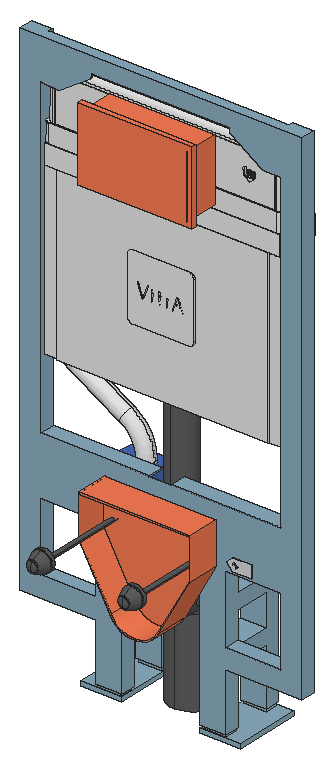
Revit family "ConcealedCistern-ForWallHungWCPans-8cm-InsideInPlasterboardWall-FloorMounting-VitrA-768-4800", category Plumbing Fixtures, host Face, Revit 2017
Family settings
  Host = Face
  Round Connector Dimension = Use Diameter
  Part Type = Normal
  OmniClass Number = 23.45.00.00
  OmniClass Title = Sanitary, Laundry, and Cleaning Equipment
  Cut with Voids When Loaded = No
  Shared = Yes
  Room Calculation Point = No
Parameters (values of type "ConcealedCistern-ForWallHungWCPans-3/6lt-8cm-InsideInPlasterboardWall-FloorMounting-VitrA-768-4800-01")
  Youtube = "https://www.youtube.com/user/VitrAglobal"
  Weight Net (kg) = "17"
  Waste Connection = yes
  Warranty Period (Year) = "10 Years"
  Vent Connection = no
  Uniformat II Description = ""
  Uniformat II Code = ""
  Uniclass 2015 Name = "WC cisterns"
  Uniclass 2015 Code = "Pr_40_20_93_89"
  Uniclass 2.0 Description = "Wc Cisterns"
  Uniclass 2.0 Code = "PR-35-93-90"
  Uniclass 1.4 Description = ""
  Uniclass 1.4 Code = ""
  URL = "https://www.vitra.com.tr/"
  UNSPSC Description = ""
  UNSPSC Code = ""
  Third Material = Blue
  Technical description = "https://www.vitraglobal.com/pdf/748-4800-01/"
  Tap hole Options (default) = ""
  Specification = ""
  Secondary Material = White
  Region South America = "All"
  Region Oceania = "All"
  Region North America = "All"
  Region Middle East = "All"
  Region Europe = "All"
  Region Asia = "All"
  Region Antarctica = "All"
  Region Africa = "All"
  Product url = "https://www.vitraglobal.com/flushing-solutions-flush-plates/frames-cisterns/concealed-frame-systems/concealed-cistern-for-wall-hung-wc-pans-sku-748-4800-01/"
  Product manual = ""
  Product group = "Concealed Cistern for Wall-Hung WC Pans - Floor Fixation 3/6lt - 8 cm"
  Product family = "Vitra"
  Product data url = ""
  Product certification = "https://www.vitraglobal.com/brochures/"
  Product Type = "Concealed Cistern"
  Product SKU = "768-4800-01"
  Product Properties = "Concealed Cistern for Wall-Hung WC Pans"
  Product Guid = ""
  Primary Material = Orange
  Outlet Angle = 90.00°
  OmniClass Description = "Water Closets"
  OmniClass Code = "23-31 19 19"
  Nominal Width (mm) = 570 mm
  Nominal Height (mm) = 1120 mm
  Nominal Depth (mm) = 80 mm
  NBS Referans Description = "Wc Cisterns"
  NBS Referans Code = "35-93-90"
  Mounting type = "Assembly to floor & wall"
  Model = "768-4800-01"
  Masterformat 2014 Description = ""
  Masterformat 2014 Code = ""
  Manufacturer name = "Vitra"
  Manufacturer = "Vitra"
  Installation instructions = ""
  IFC Classification = "Sanitary Terminal"
  Help = ""
  HW Connection = no
  GTIP code = ""
  Features = ""
  EAN code = ""
  Design country = "Turkey"
  Description = "VitrA Concealed Cistern for Wall-Hung WC Pans\r\nFloor Fixation, 3/6lt - 8cm"
  Default Elevation = 1000 mm
  Color = ""
  Coating Material = Console
  Calculated flow = ""
  CW Connection = yes
  COBIe Type Category = ""
  Brand = "Vitra"
  BIMobject category = "Toilet Cisterns"
  Article No. (default) = "768-4800-01"
  Approvals = ""
  ApplicationType = ""
  Accessories (default) = ""
Reference planes
  plane 1 "Center (Front/Back)": y = 0
  plane 2: z = 0
  plane 3 "Center (Left/Right)": x = 0
  plane 4: z = 1000
  plane 5: z = 220
  plane 6: x = -285
  plane 7: x = 285
  plane 8: y = -79.884
  plane 9: y = 0.116
  plane 10: z = 1120
Forms (mm)
  Extrusion 1, solid, detail levels coarse
    sketch origin (0, 0, 0) x (1, 0, 0) y (0, 1, 0)
      loop
        line (-285, 25.157) -> (-285, -79.884) -> (285, -79.884) -> (285, 25.157) -> (-285, 25.157)
    from 0 to 1118.125
  Extrusion 2, solid, detail levels coarse
    sketch origin (0, 0, 0) x (1, 0, 0) y (0, 0, 1)
      loop
        circle (0, 220) r 65
      loop
        circle (0, 357.605) r 26.044
    from 0 to 233.75
  Extrusion 3, solid, detail levels coarse
    sketch origin (0, 0, -2.5) x (1, 0, 0) y (0, 0, 1)
      loop
        line (111.37, 1075.159) -> (-111.368, 1075.159) -> (-111.368, 932.335) -> (111.37, 932.335) -> (111.37, 1075.159)
    from 70.438 to 140.438
  Extrusion 4, solid, material "Console" <- "Coating Material", detail levels medium+fine
    sketch origin (-245, -59.884, 1117.914) x (0, 0, -1) y (0, -1, 0)
      loop
        line (-2.086, 20) -> (-2.086, 0) -> (9.914, 0) -> (9.914, 20) -> (-2.086, 20)
    from -7.791 to -482.5
  Extrusion 5, solid, material "Console" <- "Coating Material", detail levels medium+fine
    sketch origin (285, -79.884, 1116.414) x (-1, 0, 0) y (0, 0, -1)
      loop
        line (145.922, 37.886) -> (86.224, 77.726)
        arc (86.224, 77.726) -> (84.943, 78.303) -> (83.552, 78.5) r 5
        line (83.552, 78.5) -> (47.5, 78.5) -> (47.5, 8.414) -> (522.209, 8.414) -> (522.209, 78.5) -> (486.448, 78.5)
        arc (486.448, 78.5) -> (485.057, 78.303) -> (483.776, 77.726) r 5
        line (483.776, 77.726) -> (424.078, 37.886)
        arc (424.078, 37.886) -> (422.37, 36.073) -> (421.75, 33.66) r 5
        line (421.75, 33.66) -> (421.75, 29.414)
        arc (421.75, 29.414) -> (420.871, 27.293) -> (418.75, 26.414) r 3
        line (418.75, 26.414) -> (151.25, 26.414)
        arc (151.25, 26.414) -> (149.129, 27.293) -> (148.25, 29.414) r 3
        line (148.25, 29.414) -> (148.25, 33.66)
        arc (148.25, 33.66) -> (147.63, 36.073) -> (145.922, 37.886) r 5
    from 0 to -2.5
  Extrusion 6, solid, material "Console" <- "Coating Material", detail levels medium+fine
    sketch origin (245, -49.884, 1128.289) x (1, 0, 0) y (0, 0, -1)
      loop
        line (32.5, 1001) -> (-117.5, 1001) -> (-117.5, 1115.5) -> (-167.5, 1115.5) -> (-167.5, 825) -> (-117.5, 825) -> (-117.5, 961) -> (-7.5, 961) -> (-7.5, 8.289) -> (32.5, 8.289) -> (32.5, 1001)
      loop
        line (-372.5, 1001) -> (-522.5, 1001) -> (-522.5, 8.289) -> (-482.209, 8.289) -> (-482.209, 961) -> (-372.5, 961) -> (-372.5, 825) -> (-322.5, 825) -> (-322.5, 1115.5) -> (-372.5, 1115.5) -> (-372.5, 1001)
    from 0 to -30
  Extrusion 7, solid, material "Console" <- "Coating Material", detail levels medium+fine
    sketch origin (77.5, -79.884, -0.211) x (0, 0, 1) y (-1, 0, 0)
      loop
        line (0, 0) -> (0, -80) -> (8, -80) -> (8, 0) -> (0, 0)
      loop
        line (0, 235) -> (0, 155) -> (8, 155) -> (8, 235) -> (0, 235)
    from 0 to -131.321
  Extrusion 8, solid, material "Console" <- "Coating Material", detail levels medium+fine
    sketch origin (77.5, -79.884, 7.789) x (1, 0, 0) y (0, 1, 0)
      loop
        line (48.496, 27.5) -> (3.494, 27.5) -> (3.494, 2.5) -> (48.496, 2.5) -> (48.496, 27.5)
      loop
        line (-158.494, 27.5) -> (-203.496, 27.5) -> (-203.496, 2.5) -> (-158.494, 2.5) -> (-158.494, 27.5)
    from 0 to 197.625
  Extrusion 9, solid, material "Console" <- "Coating Material", detail levels medium+fine
    sketch origin (0, -47.384, 417.039) x (0, 0, 1) y (1, 0, 0)
      loop
        line (-1.25, 22.494) -> (1.25, 22.494) -> (1.25, 245) -> (-1.25, 245) -> (-1.25, 22.494)
      loop
        line (-1.25, -245) -> (1.25, -245) -> (1.25, -22.494) -> (-1.25, -22.494) -> (-1.25, -245)
    from 0 to -32.5
  Extrusion 10, solid, material "Console" <- "Coating Material", detail levels medium+fine
    sketch origin (245, -76.884, 305.789) x (0, 1, 0) y (-1, 0, 0)
      loop
        line (76.5, 170) -> (76.5, 320) -> (37, 345) -> (37, 419.5) -> (27, 419.5) -> (27, 490) -> (-0.5, 490) -> (-0.5, 0) -> (27, 0) -> (27, 70.5) -> (37, 70.5) -> (37, 145) -> (76.5, 170)
      loop
        circle (44.407, 186.048) r 15
    from 0 to -2.5
  Extrusion 11, solid, material "Console" <- "Coating Material", detail levels medium+fine
    sketch origin (285, -79.884, 1128.289) x (-1, 0, 0) y (0, 0, -1)
      loop
        line (530, 710) -> (530, 825) -> (40, 825) -> (40, 710) -> (118, 710) -> (118, 712.5) -> (158, 712.5) -> (158, 710) -> (262.506, 710) -> (262.506, 712.5) -> (307.494, 712.5) -> (307.494, 710) -> (412, 710) -> (412, 712.5) -> (452, 712.5) -> (452, 710) -> (530, 710)
    from 0 to -2.5
  Extrusion 12, solid, detail levels medium+fine
    sketch origin (155, -80.384, 319.789) x (1, 0, 0) y (0, 0, 1)
      loop
        line (25, -12.5) -> (25, 12.5) -> (-12, 12.5) -> (-25, 0) -> (-12, -12.5) -> (25, -12.5)
      loop
        line (-11.499, 0.1) -> (-5.9, 0.1) -> (-5.9, 5.499)
        arc (-5.9, 5.499) -> (-9.818, 3.959) -> (-11.499, 0.1) r 5.5
      loop
        line (-0.501, -0.1) -> (-6.1, -0.1) -> (-6.1, -5.499)
        arc (-6.1, -5.499) -> (-2.182, -3.959) -> (-0.501, -0.1) r 5.5
    from 0 to -2.067
  Blend 13, solid, material "Blue" <- "Third Material", detail levels medium+fine
    base sketch origin (-81.844, 5.116, 370.98) x (1, 0, 0) y (0, 0, -1)
      loop
        line (40.656, -31.187) -> (40.656, 31.187) -> (-40.656, 31.187) -> (-40.656, -31.187) -> (40.656, -31.187)
    top sketch origin (-81.844, -76.181, 370.98) x (0, 0, -1) y (1, 0, 0)
      loop
        line (-34.026, -43.495) -> (34.026, -43.495) -> (34.026, 43.495) -> (-34.026, 43.495) -> (-34.026, -43.495)
    from 0 to -1.203
  Extrusion 14, solid, material "Blue" <- "Third Material", detail levels medium+fine
    sketch origin (-72.5, 5.616, 370.789) x (-1, 0, 0) y (0, 0, 1)
      loop
        line (-0.685, 5.802) -> (-3.475, -1.366) -> (-0.731, -1.366) -> (-3.511, -7.361) -> (4.348, 1.305) -> (1.465, 1.37) -> (4.314, 5.802) -> (-0.685, 5.802)
      loop
        circle (0.206, -0.102) r 9
    from 0 to -18.98
  Extrusion 15, solid, material "Black", detail levels medium+fine
    sketch origin (0, -50.384, 297.089) x (0, 0, 1) y (1, 0, 0)
      loop
        line (42.532, 35.386) -> (20.456, 43.421) -> (6.2, 43.421) -> (6.2, -43.587) -> (20, -43.587) -> (42.532, -35.386)
        arc (42.532, -35.386) -> (53.585, -38.279) -> (65, -37.802) r 38.5
        line (65, -37.802) -> (65, -25.475)
        arc (65, -25.475) -> (31.2, 0) -> (65, 25.475) r 26.5
        line (65, 25.475) -> (65, 37.802)
        arc (65, 37.802) -> (53.585, 38.279) -> (42.532, 35.386) r 38.5
    from 3 to -8.682
  Extrusion 16, solid, material "Black", detail levels medium+fine
    sketch origin (43.502, -59.625, 305.583) x (-0.008727, 0.999962, 0) y (0, 0, 1)
      loop
        line (60.002, -30.493) -> (60.002, -2.293) -> (9.241, -2.293) -> (9.241, 11.962) -> (0.496, 11.753) -> (0.496, -36.598) -> (15.69, -36.539) -> (60.002, -30.493)
    from -1.405 to -85.712
  Extrusion 17, solid, material "Orange" <- "Primary Material", detail levels medium+fine
    sketch origin (0, -80.884, 275.563) x (0, 0, -1) y (-1, 0, 0)
      loop
        line (82.694, 48.748) -> (-28.65, 110.235) -> (-111.461, 110.235) -> (-111.461, -110.235) -> (-28.65, -110.235) -> (82.694, -48.748)
        arc (82.694, -48.748) -> (111.461, 0) -> (82.694, 48.748) r 55.687
    from 0 to -6.321
  Extrusion 18, solid, material "Orange" <- "Primary Material", detail levels medium+fine
    sketch origin (0, -144.884, 319.789) x (1, 0, 0) y (0, 0, 1)
      loop
        line (110.235, 67.235) -> (-110.235, 67.235) -> (-110.235, -15.576) -> (-48.748, -126.92)
        arc (-48.748, -126.92) -> (0, -155.687) -> (48.748, -126.92) r 55.687
        line (48.748, -126.92) -> (110.235, -15.576) -> (110.235, 67.235)
      loop
        line (-108.484, 65.484) -> (-108.484, -15.125) -> (-47.215, -126.073)
        arc (-47.215, -126.073) -> (0, -153.936) -> (47.215, -126.073) r 53.936
        line (47.215, -126.073) -> (108.484, -15.125) -> (108.484, 65.484) -> (-108.484, 65.484)
    from 0 to -57.679
  Sweep 19, solid, material "White" <- "Secondary Material", detail levels medium+fine
    path origin (0, -147.384, 319.789) x (1, 0, 0) y (0, 0, 1)
      loop
        line (-70.717, 73.648) -> (-70.717, 88.48)
        arc (-70.717, 88.48) -> (-80.765, 125.98) -> (-108.217, 153.432) r 75
        line (-108.217, 153.432) -> (-234.241, 226.191)
        arc (-234.241, 226.191) -> (-256.202, 248.153) -> (-264.241, 278.153) r 60
        line (-264.241, 278.153) -> (-264.241, 652.91)
        arc (-264.241, 652.91) -> (-255.876, 679.042) -> (-233.892, 695.459) r 45
        line (-233.892, 695.459) -> (-190.52, 710.393)
    profile origin (-264.241, -147.384, 785.321) x (-1, 0, 0) y (0, -1, 0)
      loop
        circle (0, -120.458) r 16
  Extrusion 20, solid, material "Orange" <- "Primary Material", detail levels medium+fine
    sketch origin (-0.502, -143.508, 1000.12) x (-1, 0, 0) y (0, 0, -1)
      loop
        line (-112.356, -73.55) -> (112.356, -73.55) -> (112.356, 71.464) -> (-112.356, 71.464) -> (-112.356, -73.55)
    from 0 to -9.7
  Extrusion 21, solid, material "Orange" <- "Primary Material", detail levels medium+fine
    sketch origin (-0.502, -143.508, 1000.12) x (-1, 0, 0) y (0, 0, -1)
      loop
        line (-103.117, -61.799) -> (103.02, -61.799) -> (103.02, 62.038) -> (-103.117, 62.038) -> (-103.117, -61.799)
    from 0 to -68.162
  Extrusion 22, solid, material "Black", detail levels medium+fine
    sketch origin (51.92, -39.187, -283.413) x (1, 0, 0) y (0, 0, 1)
      loop
        circle (-141.764, 603.413) r 4.2
      loop
        circle (38.236, 603.413) r 4.2
    from 223.136 to 0.697
  Revolve 23, solid, material "Black", detail levels medium+fine
    sketch origin (89.974, -31.25, 9.375) x (0, 1, 0) y (0, 0, 1)
      loop
        line (-223.489, 292.259) -> (-223.489, 313.259) -> (-255.489, 313.259)
        arc (-255.489, 313.259) -> (-254.814, 307.893) -> (-252.831, 302.861) r 21.667
        arc (-252.831, 302.861) -> (-252.43, 302.349) -> (-251.886, 301.992) r 2
        line (-251.886, 301.992) -> (-231.965, 293.176)
        arc (-231.965, 293.176) -> (-230.967, 292.836) -> (-229.924, 292.675) r 6
        line (-229.924, 292.675) -> (-223.489, 292.259)
      axis (-255.489, 313.259) -> (-223.489, 313.259)
    angle from 0 to 360
  Revolve 24, solid, material "Black", detail levels medium+fine
    sketch origin (-90.026, -31.25, 9.375) x (0, 1, 0) y (0, 0, 1)
      loop
        line (-223.489, 292.259) -> (-223.489, 313.259) -> (-255.489, 313.259)
        arc (-255.489, 313.259) -> (-254.814, 307.893) -> (-252.831, 302.861) r 21.667
        arc (-252.831, 302.861) -> (-252.43, 302.349) -> (-251.886, 301.992) r 2
        line (-251.886, 301.992) -> (-231.965, 293.176)
        arc (-231.965, 293.176) -> (-230.967, 292.836) -> (-229.924, 292.675) r 6
        line (-229.924, 292.675) -> (-223.489, 292.259)
      axis (-255.489, 313.259) -> (-223.489, 313.259)
    angle from 0 to 360
  Extrusion 25, solid, material "Black", detail levels medium+fine
    sketch origin (-30, -57.258, 290.503) x (1, 0, 0) y (0, 0, 1)
      loop
        line (0.072, 12.786) -> (0.072, -5.846)
        arc (0.072, -5.846) -> (-25.549, -37.091) -> (-35.991, -76.124) r 95.7
        arc (-35.991, -76.124) -> (-29.358, -83.436) -> (-22.047, -76.804) r 6.98
        arc (-22.047, -76.804) -> (26.652, -17.687) -> (82.521, -70.079) r 52.5
        arc (82.521, -70.079) -> (82.422, -73.296) -> (82.127, -76.502) r 52.5
        arc (82.127, -76.502) -> (89.278, -84.37) -> (95.991, -76.125) r 7.013
        arc (95.991, -76.125) -> (85.59, -37.173) -> (60.072, -5.96) r 95.7
        line (60.072, -5.96) -> (60.072, 12.787) -> (0.072, 12.786)
    from 0 to -14
  Sweep 26, solid, material "Black", detail levels medium+fine
    path origin (0, 890, -0.781) x (0, 1, 0) y (0, 0, 1)
      loop
        line (-965.346, 355.636) -> (-947.846, 355.636)
        arc (-947.846, 355.636) -> (-926.633, 364.422) -> (-917.846, 385.636) r 30
        line (-917.846, 385.636) -> (-917.846, 560.636)
    profile origin (0, -66.596, 354.854) x (0, 0, 1) y (1, 0, 0)
      loop
        circle (0, 0) r 28
  Extrusion 27, solid, material "Black", detail levels medium+fine
    sketch origin (0.021, -75.758, 220.424) x (1, 0, 0) y (0, 0, 1)
      loop
        circle (-0.021, -0.393) r 52.806
    from 0 to -49.874
  Sweep 28, solid, material "Black", detail levels medium+fine
    path origin (0, 0, 220) x (0, 0, -1) y (0, -1, 0)
      loop
        line (0, 67.384) -> (0, 48)
        arc (0, 48) -> (14.059, 14.059) -> (48, 0) r 48
        line (48, 0) -> (220, 0)
    profile origin (0, -57.692, 220) x (0, 0, -1) y (-1, 0, 0)
      loop
        circle (-0.045, 0) r 46
  Extrusion 29, void
    sketch origin (0, 0, 1118.125) x (1, 0, 0) y (0, 1, 0)
      loop
        line (-285, 50.478) -> (-285, -79.884) -> (285, -79.884) -> (285, 50.478) -> (-285, 50.478)
    from 0 to -1118.125
  Extrusion 30, solid, material "Console" <- "Coating Material", detail levels medium+fine
    sketch origin (127.5, -49.884, 304.2) x (0, -1, 0) y (0, 0, -1)
      loop
        line (-99.979, 290.5) -> (-99.99, -2.048) -> (-100, -32.048) -> (26.901, -32.048) -> (26.901, -2.048) -> (-11.321, -2.048) -> (-71.3, -2.048) -> (-71.3, 53.452) -> (0, 53.452) -> (0, 83.452) -> (-71.3, 83.452) -> (-71.3, 146.452) -> (0, 146.452) -> (0, 176.452) -> (-71.3, 176.452) -> (-71.3, 290.5) -> (-99.979, 290.5)
    from 0 to -50
  Extrusion 31, solid, material "Console" <- "Coating Material", detail levels medium+fine
    sketch origin (-79.49, -49.884, 304.2) x (0, -1, 0) y (0, 0, -1)
      loop
        line (-99.979, 290.5) -> (-99.99, -2.048) -> (-100, -32.048) -> (26.901, -32.048) -> (26.901, -2.048) -> (-11.321, -2.048) -> (-71.3, -2.048) -> (-71.3, 53.452) -> (0, 53.452) -> (0, 83.452) -> (-71.3, 83.452) -> (-71.3, 146.452) -> (0, 146.452) -> (0, 176.452) -> (-71.3, 176.452) -> (-71.3, 290.5) -> (-99.979, 290.5)
    from 0 to -50
  Extrusion 32, solid, material "Console" <- "Coating Material", detail levels medium+fine
    sketch origin (157.5, 21.436, 8.248) x (0, 1, 0) y (-1, 0, 0)
      loop
        line (26.159, 31.504) -> (26.159, 76.506) -> (2.479, 76.506) -> (2.479, 31.504) -> (26.159, 31.504)
      loop
        line (26.159, 238.494) -> (26.159, 283.496) -> (2.479, 283.496) -> (2.479, 238.494) -> (26.159, 238.494)
    from 0 to 250
  Extrusion 33, solid, material "Console" <- "Coating Material", detail levels medium+fine
    sketch origin (-167, -47.371, 414.248) x (0, 0, -1) y (0, -1, 0)
      loop
        line (-3.301, 0) -> (109.084, 0) -> (109.084, 30) -> (-3.301, 30) -> (-3.301, 2) -> (-3.301, 0)
    from 0 to -39.5
  Extrusion 34, solid, material "Console" <- "Coating Material", detail levels medium+fine
    sketch origin (167, -47.371, 414.248) x (0, 0, -1) y (0, 1, 0)
      loop
        line (-3.301, 0) -> (-3.301, -2) -> (-3.301, -30) -> (109.084, -30) -> (109.084, 0) -> (-3.301, 0)
    from 0 to -39.5
  Sweep 35, solid, material "White" <- "Secondary Material", detail levels medium+fine
    path origin (0.078, -69.617, 967.832) x (0, 0, 1) y (-1, 0, 0)
      loop
        line (0.104, 221.304) -> (75.314, 221.304)
        arc (75.314, 221.304) -> (89.456, 215.446) -> (95.314, 201.304) r 20
        line (95.314, 201.304) -> (95.314, -201.304)
        arc (95.314, -201.304) -> (89.456, -215.446) -> (75.314, -221.304) r 20
        line (75.314, -221.304) -> (0.104, -221.304)
    profile origin (221.382, -69.617, 1005.541) x (0, -1, 0) y (1, 0, 0)
      loop
        arc (-58.41, 10.038) -> (-65.508, 7.098) -> (-68.448, 0) r 10.038
        line (-68.448, 0) -> (-68.448, -5) -> (-0.155, -5) -> (-0.155, 0)
        arc (-0.155, 0) -> (-3.095, 7.098) -> (-10.194, 10.038) r 10.038
        line (-10.194, 10.038) -> (-58.41, 10.038)
  Extrusion 36, solid, material "White" <- "Secondary Material", detail levels medium+fine
    sketch origin (0.078, -69.617, 967.832) x (0, 0, 1) y (-1, 0, 0)
      loop
        arc (90.314, 201.304) -> (85.921, 211.911) -> (75.314, 216.304) r 15
        line (75.314, 216.304) -> (0.104, 216.304) -> (0.104, -216.304) -> (75.314, -216.304)
        arc (75.314, -216.304) -> (85.921, -211.911) -> (90.314, -201.304) r 15
        line (90.314, -201.304) -> (90.314, 201.304)
    from 0 to -68.604
  Extrusion 37, solid, material "White" <- "Secondary Material", detail levels medium+fine
    sketch origin (-0.082, -34.765, 967.936) x (-1, 0, 0) y (0, -1, 0)
      loop
        line (224.386, 39.814) -> (-224.386, 39.814)
        arc (-224.386, 39.814) -> (-232.871, 36.3) -> (-236.386, 27.814) r 12
        line (-236.386, 27.814) -> (-236.386, -27.814)
        arc (-236.386, -27.814) -> (-232.871, -36.3) -> (-224.386, -39.814) r 12
        line (-224.386, -39.814) -> (224.386, -39.814)
        arc (224.386, -39.814) -> (232.871, -36.3) -> (236.386, -27.814) r 12
        line (236.386, -27.814) -> (236.386, 27.814)
        arc (236.386, 27.814) -> (232.871, 36.3) -> (224.386, 39.814) r 12
    from 0 to -37.788
  Extrusion 38, solid, material "White" <- "Secondary Material", detail levels medium+fine
    sketch origin (0.744, -34.162, 929.933) x (-1, 0, 0) y (0, -0.999986, 0.005236)
      loop
        line (231.958, 42.964) -> (-231.958, 42.964) -> (-231.958, 39.374) -> (-231.958, -38.519) -> (-231.958, -42.964) -> (231.958, -42.964) -> (231.958, -38.519) -> (231.958, 39.374) -> (231.958, 42.964)
    from 1.73 to -37.465
  Extrusion 39, solid, material "White" <- "Secondary Material", detail levels medium+fine
    sketch origin (-43.272, -34.067, 1080.436) x (0, 1, 0) y (-1, 0, 0)
      loop
        circle (-0.783, 56.644) r 15
      loop
        circle (0.254, 0.122) r 15
    from 0 to -7.29
  Extrusion 40, solid, material "White" <- "Secondary Material", detail levels medium+fine
    sketch origin (0.126, -34.514, 556.25) x (1, 0, 0) y (0, -1, 0)
      loop
        line (233.35, -38.805) -> (233.35, 40.575) -> (209.689, 40.575) -> (209.689, 42.637) -> (-207.849, 42.637) -> (-207.849, 39.088) -> (-233.35, 39.088) -> (-233.35, -38.805) -> (-207.849, -38.805) -> (-207.849, -42.405) -> (209.689, -42.405) -> (209.689, -38.805) -> (233.35, -38.805)
    from 0 to -335.272
  Extrusion 41, solid, material "White" <- "Secondary Material", detail levels medium+fine
    sketch origin (-43.272, -33.676, 1084.875) x (-1, 0, 0) y (0, -1, 0)
      loop
        circle (0.408, -0.319) r 8.702
    from 0 to -10.022
  Extrusion 42, solid, material "White" <- "Secondary Material", detail levels medium+fine
    sketch origin (-207.802, -78.367, 613.109) x (1, 0, 0) y (0, 0, 1)
      loop
        line (272.802, 71.7) -> (272.802, 181.7)
        arc (272.802, 181.7) -> (269.873, 188.771) -> (262.802, 191.7) r 10
        line (262.802, 191.7) -> (152.802, 191.7)
        arc (152.802, 191.7) -> (145.731, 188.771) -> (142.802, 181.7) r 10
        line (142.802, 181.7) -> (142.802, 71.7)
        arc (142.802, 71.7) -> (145.731, 64.629) -> (152.802, 61.7) r 10
        line (152.802, 61.7) -> (262.802, 61.7)
        arc (262.802, 61.7) -> (269.873, 64.629) -> (272.802, 71.7) r 10
      loop
        spline (193.105, 129.771) -> (192.875, 129.922) -> (192.629, 130.046) -> (192.37, 130.139) -> (192.102, 130.201) -> (191.83, 130.235) -> (191.556, 130.246) -> (191.281, 130.237) -> (191.009, 130.203) -> (190.741, 130.141) -> (190.483, 130.047) -> (190.236, 129.924) -> (190.004, 129.777)
        line (190.004, 129.777) -> (190.09, 128.063) -> (190.632, 114.309)
        spline (190.632, 114.309) -> (190.76, 114.191) -> (190.902, 114.089) -> (191.053, 114.002) -> (191.214, 113.935) -> (191.385, 113.892) -> (191.56, 113.875) -> (191.735, 113.886) -> (191.905, 113.926) -> (192.068, 113.993) -> (192.22, 114.083) -> (192.362, 114.19) -> (192.491, 114.309)
        line (192.491, 114.309) -> (193.035, 128.063) -> (193.105, 129.771)
      loop
        spline (207.158, 130.937) -> (207.139, 131.436) -> (207.129, 131.935) -> (207.126, 132.434) -> (207.128, 132.933) -> (207.133, 133.433) -> (207.14, 133.932) -> (207.146, 134.432) -> (207.15, 134.931) -> (207.152, 135.43) -> (207.155, 135.929) -> (207.158, 136.429) -> (207.161, 136.928)
        spline (207.161, 136.928) -> (206.941, 137.074) -> (206.711, 137.204) -> (206.467, 137.306) -> (206.212, 137.374) -> (205.95, 137.409) -> (205.686, 137.419) -> (205.422, 137.41) -> (205.16, 137.377) -> (204.903, 137.315) -> (204.657, 137.218) -> (204.424, 137.093) -> (204.201, 136.952)
        line (204.201, 136.952) -> (204.318, 129.918)
        spline (204.318, 129.918) -> (204.189, 129.861) -> (204.067, 129.788) -> (203.955, 129.699) -> (203.853, 129.597) -> (203.765, 129.483) -> (203.693, 129.358) -> (203.639, 129.225) -> (203.602, 129.086) -> (203.583, 128.943) -> (203.582, 128.8) -> (203.598, 128.658) -> (203.632, 128.522)
        spline (203.632, 128.522) -> (203.731, 128.257) -> (203.826, 127.991) -> (203.916, 127.723) -> (204.001, 127.453) -> (204.079, 127.181) -> (204.151, 126.907) -> (204.216, 126.631) -> (204.274, 126.353) -> (204.324, 126.074) -> (204.366, 125.794) -> (204.4, 125.513) -> (204.425, 125.232)
        line (204.425, 125.232) -> (204.785, 114.238)
        spline (204.785, 114.238) -> (204.907, 114.126) -> (205.043, 114.028) -> (205.187, 113.945) -> (205.342, 113.881) -> (205.505, 113.84) -> (205.672, 113.823) -> (205.84, 113.834) -> (206.003, 113.872) -> (206.158, 113.937) -> (206.304, 114.022) -> (206.439, 114.124) -> (206.563, 114.238)
        line (206.563, 114.238) -> (207.005, 123.269)
        spline (207.005, 123.269) -> (207.033, 123.562) -> (207.066, 123.854) -> (207.105, 124.146) -> (207.149, 124.438) -> (207.2, 124.73) -> (207.258, 125.02) -> (207.324, 125.309) -> (207.398, 125.595) -> (207.483, 125.877) -> (207.578, 126.156) -> (207.684, 126.431) -> (207.802, 126.7)
        spline (207.802, 126.7) -> (208.011, 127.108) -> (208.245, 127.505) -> (208.503, 127.888) -> (208.783, 128.256) -> (209.085, 128.606) -> (209.407, 128.937) -> (209.747, 129.248) -> (210.104, 129.535) -> (210.473, 129.805) -> (210.849, 130.066) -> (211.227, 130.325) -> (211.6, 130.589)
        spline (211.6, 130.589) -> (211.777, 130.756) -> (211.912, 130.962) -> (211.997, 131.194) -> (212.027, 131.437) -> (212, 131.68) -> (211.918, 131.912) -> (211.785, 132.122) -> (211.606, 132.29) -> (211.39, 132.399) -> (211.148, 132.44) -> (210.899, 132.421) -> (210.663, 132.352)
        line (210.663, 132.352) -> (207.158, 130.937)
      loop
        spline (220.823, 130.116) -> (220.578, 129.993) -> (220.343, 129.85) -> (220.124, 129.685) -> (219.926, 129.497) -> (219.752, 129.285) -> (219.605, 129.055) -> (219.485, 128.809) -> (219.396, 128.55) -> (219.344, 128.282) -> (219.32, 128.01) -> (219.316, 127.736) -> (219.321, 127.462)
        line (219.321, 127.462) -> (219.691, 114.31)
        spline (219.691, 114.31) -> (219.818, 114.192) -> (219.96, 114.089) -> (220.111, 114.002) -> (220.272, 113.935) -> (220.443, 113.892) -> (220.619, 113.876) -> (220.794, 113.887) -> (220.964, 113.928) -> (221.126, 113.996) -> (221.278, 114.086) -> (221.42, 114.194) -> (221.549, 114.313)
        line (221.549, 114.313) -> (221.874, 123.875)
        spline (221.874, 123.875) -> (221.895, 124.125) -> (221.923, 124.374) -> (221.957, 124.623) -> (221.998, 124.871) -> (222.045, 125.119) -> (222.098, 125.365) -> (222.158, 125.609) -> (222.225, 125.852) -> (222.299, 126.092) -> (222.381, 126.33) -> (222.47, 126.565) -> (222.567, 126.796)
        spline (222.567, 126.796) -> (222.749, 127.169) -> (222.951, 127.535) -> (223.174, 127.89) -> (223.418, 128.231) -> (223.682, 128.556) -> (223.965, 128.861) -> (224.269, 129.144) -> (224.592, 129.402) -> (224.93, 129.64) -> (225.277, 129.865) -> (225.627, 130.087) -> (225.972, 130.316)
        spline (225.972, 130.316) -> (226.134, 130.455) -> (226.266, 130.627) -> (226.353, 130.822) -> (226.381, 131.031) -> (226.351, 131.242) -> (226.272, 131.443) -> (226.153, 131.622) -> (226.001, 131.77) -> (225.818, 131.879) -> (225.612, 131.941) -> (225.396, 131.95) -> (225.19, 131.901)
        line (225.19, 131.901) -> (220.823, 130.116)
      loop
        spline (239.475, 125.53) -> (239.288, 125.481) -> (239.117, 125.381) -> (238.977, 125.24) -> (238.879, 125.071) -> (238.827, 124.882) -> (238.823, 124.686) -> (238.869, 124.493) -> (238.962, 124.321) -> (239.099, 124.185) -> (239.269, 124.089) -> (239.459, 124.028) -> (239.654, 124)
        line (239.654, 124) -> (245.591, 123.657)
        spline (245.591, 123.657) -> (245.768, 123.636) -> (245.945, 123.604) -> (246.12, 123.559) -> (246.289, 123.499) -> (246.45, 123.424) -> (246.601, 123.331) -> (246.738, 123.219) -> (246.862, 123.09) -> (246.972, 122.948) -> (247.069, 122.795) -> (247.152, 122.635) -> (247.221, 122.471)
        spline (247.221, 122.471) -> (247.502, 121.747) -> (247.782, 121.023) -> (248.063, 120.298) -> (248.342, 119.574) -> (248.62, 118.849) -> (248.896, 118.123) -> (249.17, 117.396) -> (249.441, 116.668) -> (249.707, 115.939) -> (249.97, 115.208) -> (250.227, 114.475) -> (250.479, 113.741)
        spline (250.479, 113.741) -> (250.52, 113.684) -> (250.578, 113.641) -> (250.646, 113.609) -> (250.722, 113.584) -> (250.798, 113.562) -> (250.873, 113.542) -> (250.947, 113.524) -> (251.019, 113.511) -> (251.091, 113.502) -> (251.162, 113.499) -> (251.233, 113.504) -> (251.303, 113.518)
        spline (251.303, 113.518) -> (251.366, 113.539) -> (251.425, 113.568) -> (251.48, 113.605) -> (251.532, 113.648) -> (251.581, 113.697) -> (251.629, 113.749) -> (251.675, 113.804) -> (251.721, 113.86) -> (251.764, 113.917) -> (251.8, 113.976) -> (251.825, 114.037) -> (251.835, 114.102)
        spline (251.835, 114.102) -> (251.277, 116.1) -> (250.658, 118.08) -> (250.018, 120.054) -> (249.375, 122.027) -> (248.73, 123.998) -> (248.08, 125.967) -> (247.421, 127.934) -> (246.755, 129.898) -> (246.083, 131.861) -> (245.401, 133.82) -> (244.701, 135.772) -> (243.959, 137.71)
        spline (243.959, 137.71) -> (243.709, 138.129) -> (243.382, 138.498) -> (242.993, 138.798) -> (242.553, 139.015) -> (242.081, 139.145) -> (241.592, 139.187) -> (241.104, 139.142) -> (240.632, 139.009) -> (240.193, 138.792) -> (239.802, 138.492) -> (239.473, 138.126) -> (239.218, 137.711)
        spline (239.218, 137.711) -> (238.472, 135.773) -> (237.775, 133.818) -> (237.096, 131.856) -> (236.428, 129.889) -> (235.765, 127.922) -> (235.106, 125.953) -> (234.451, 123.983) -> (233.801, 122.011) -> (233.152, 120.039) -> (232.506, 118.066) -> (231.866, 116.09) -> (231.246, 114.109)
        spline (231.246, 114.109) -> (231.256, 114.045) -> (231.282, 113.984) -> (231.32, 113.927) -> (231.365, 113.872) -> (231.411, 113.817) -> (231.458, 113.763) -> (231.505, 113.711) -> (231.553, 113.662) -> (231.604, 113.619) -> (231.657, 113.581) -> (231.715, 113.551) -> (231.777, 113.529)
        spline (231.777, 113.529) -> (231.852, 113.514) -> (231.929, 113.505) -> (232.006, 113.503) -> (232.083, 113.509) -> (232.16, 113.522) -> (232.236, 113.541) -> (232.311, 113.565) -> (232.384, 113.595) -> (232.456, 113.629) -> (232.525, 113.667) -> (232.592, 113.708) -> (232.656, 113.752)
        spline (232.656, 113.752) -> (233.246, 115.47) -> (233.855, 117.182) -> (234.48, 118.888) -> (235.12, 120.588) -> (235.772, 122.285) -> (236.434, 123.977) -> (237.104, 125.666) -> (237.784, 127.351) -> (238.472, 129.033) -> (239.171, 130.71) -> (239.88, 132.382) -> (240.601, 134.05)
        spline (240.601, 134.05) -> (240.717, 134.262) -> (240.858, 134.478) -> (241.02, 134.679) -> (241.197, 134.846) -> (241.385, 134.96) -> (241.579, 135.001) -> (241.772, 134.958) -> (241.96, 134.844) -> (242.139, 134.677) -> (242.302, 134.477) -> (242.445, 134.261) -> (242.562, 134.05)
        line (242.562, 134.05) -> (245.499, 127.026)
        spline (245.499, 127.026) -> (245.534, 126.918) -> (245.569, 126.809) -> (245.603, 126.7) -> (245.636, 126.589) -> (245.668, 126.476) -> (245.686, 126.361) -> (245.677, 126.248) -> (245.63, 126.14) -> (245.551, 126.056) -> (245.449, 126.008) -> (245.333, 125.986) -> (245.215, 125.977)
        line (245.215, 125.977) -> (239.475, 125.53)
      loop
        circle (191.559, 134.895) r 1.5
      loop
        line (182.116, 138.752) -> (174.347, 118.843)
        arc (174.347, 118.843) -> (173.288, 118.119) -> (172.228, 118.843) r 1.137
        line (172.228, 118.843) -> (164.46, 138.752)
        arc (164.46, 138.752) -> (163.536, 139.183) -> (163.062, 138.28) r 0.739
        line (163.062, 138.28) -> (170.777, 115.402)
        arc (170.777, 115.402) -> (173.288, 113.6) -> (175.798, 115.402) r 2.649
        line (175.798, 115.402) -> (183.514, 138.28)
        arc (183.514, 138.28) -> (183.04, 139.183) -> (182.116, 138.752) r 0.739
    from -3.684 to 1.041
  Extrusion 43, solid, material "White" <- "Secondary Material", detail levels medium+fine
    sketch origin (-0.625, -71.492, -4.493) x (1, 0, 0) y (0, 0, 1)
      loop
        line (160.157, 1028.393) -> (159.049, 1028.393)
        spline (159.049, 1028.393) -> (158.969, 1028.24) -> (158.88, 1028.087) -> (158.782, 1027.933) -> (158.676, 1027.778) -> (158.562, 1027.623) -> (158.439, 1027.468) -> (158.308, 1027.312) -> (158.168, 1027.155) -> (158.019, 1026.998) -> (157.862, 1026.839) -> (157.696, 1026.681) -> (157.521, 1026.521)
        spline (157.521, 1026.521) -> (157.338, 1026.361) -> (157.149, 1026.205) -> (156.955, 1026.054) -> (156.757, 1025.906) -> (156.554, 1025.763) -> (156.347, 1025.625) -> (156.134, 1025.49) -> (155.917, 1025.36) -> (155.695, 1025.233) -> (155.468, 1025.111) -> (155.236, 1024.993) -> (155, 1024.879)
        line (155, 1024.879) -> (155, 1023.217)
        spline (155, 1023.217) -> (155.135, 1023.267) -> (155.273, 1023.321) -> (155.414, 1023.38) -> (155.557, 1023.443) -> (155.703, 1023.51) -> (155.853, 1023.582) -> (156.005, 1023.658) -> (156.159, 1023.738) -> (156.317, 1023.822) -> (156.477, 1023.911) -> (156.641, 1024.004) -> (156.807, 1024.102)
        spline (156.807, 1024.102) -> (156.971, 1024.2) -> (157.13, 1024.299) -> (157.284, 1024.397) -> (157.433, 1024.496) -> (157.576, 1024.595) -> (157.715, 1024.693) -> (157.848, 1024.792) -> (157.976, 1024.891) -> (158.1, 1024.99) -> (158.217, 1025.089) -> (158.33, 1025.189) -> (158.438, 1025.289)
        line (158.438, 1025.289) -> (158.438, 1014.336) -> (160.157, 1014.336) -> (160.157, 1028.393)
      loop
        line (159.806, 1012.565) -> (168.75, 1005.41) -> (177.694, 1012.565) -> (159.806, 1012.565)
    from 0 to -5
  Extrusion 44, solid, material "White" <- "Secondary Material", detail levels medium+fine
    sketch origin (-0.625, 178.508, -4.493) x (1, 0, 0) y (0, 0, 1)
      loop
        arc (172.782, 1021.074) -> (175.115, 1023.225) -> (177.07, 1020.724) r 2.158
        line (177.07, 1020.724) -> (177.07, 1014.336) -> (178.779, 1014.336) -> (178.779, 1021.19)
        arc (178.779, 1021.19) -> (178.77, 1022.149) -> (178.456, 1023.055) r 2.96
        arc (178.456, 1023.055) -> (175.447, 1024.845) -> (172.438, 1023.055) r 3.423
        arc (172.438, 1023.055) -> (169.506, 1024.733) -> (166.574, 1023.055) r 3.4
        line (166.574, 1023.055) -> (166.574, 1024.478) -> (165.037, 1024.478) -> (165.037, 1014.336) -> (166.756, 1014.336) -> (166.756, 1021.058)
        arc (166.756, 1021.058) -> (168.978, 1023.212) -> (171.063, 1020.925) r 2.156
        line (171.063, 1020.925) -> (171.063, 1014.336) -> (172.782, 1014.336) -> (172.782, 1021.074)
    from 247.805 to 250
Cuts and joins
  joined: Extrusion 1, Extrusion 2, Extrusion 3
  joined: Blend 13, Extrusion 14
  joined: Extrusion 15, Extrusion 16, Extrusion 25
  joined: Extrusion 17, Extrusion 18
  joined: Extrusion 4, Extrusion 5, Extrusion 6, Extrusion 7, Extrusion 8, Extrusion 9, Extrusion 10, Extrusion 11, Extrusion 30, Extrusion 31, Extrusion 32, Extrusion 33, Extrusion 34
Lines and regions (mm)
  reference lines
    curve 1: line (0, 0, 220) -> (0, 0, 50)
Dimensions and locks
  host face to plane 4 = 1000 mm
  host face to plane 5 = 220 mm
  "Nominal Width (mm)": plane 6 to plane 7
  "Nominal Depth (mm)": plane 9 to plane 8
  "Nominal Height (mm)": plane 10 to plane 2
  "Outlet Angle": angle curve 1 to plane 5
  aligned and locked: plane 2 to host face
  aligned and locked: level to host face
  aligned and locked: plane 5 to curve 1
Automatic sketch dimensions
  host sketch curve to host sketch curve = 2438.4 mm  (x2)
  Extrusion 1 sketch curve to plane 6 = 0 mm
  Extrusion 1 sketch curve to plane 7 = 0 mm
  Extrusion 1 sketch curve to plane 8 = 0 mm
  Extrusion 2 sketch curve to plane 3 "Center (Left/Right)" = 0 mm  (x2)
  Extrusion 2 sketch curve to plane 5 = 0 mm
  Extrusion 2 sketch curve to Extrusion 2 sketch curve = 137.605 mm
  Extrusion 3 sketch curve to plane 3 "Center (Left/Right)" = 111.368 mm
  plane 3 "Center (Left/Right)" to Extrusion 3 sketch curve = 111.37 mm
  plane 4 to Extrusion 3 sketch curve = 70.165 mm
  plane 8 to Extrusion 4 sketch curve = 0 mm
  Extrusion 4 sketch curve to Extrusion 4 sketch curve = 12 mm
  Extrusion 4 sketch curve to Extrusion 4 sketch curve = 20 mm
  plane 7 to Extrusion 5 sketch curve = 47.5 mm
  Extrusion 5 sketch curve to Extrusion 5 sketch curve = 36.052 mm
  Extrusion 5 sketch curve to plane 4 = 38.689 mm
  Extrusion 5 sketch curve to Extrusion 5 sketch curve = 2.672 mm  (x4)
  Extrusion 5 sketch curve to Extrusion 5 sketch curve = 59.698 mm  (x2)
  Extrusion 5 sketch curve to Extrusion 5 sketch curve = 2.328 mm  (x2)
  Extrusion 5 sketch curve to Extrusion 5 sketch curve = 3 mm  (x2)
  Extrusion 5 sketch curve to plane 3 "Center (Left/Right)" = 133.75 mm
  Extrusion 5 sketch curve to plane 6 = 47.791 mm
  Extrusion 5 sketch curve to plane 4 = 42.914 mm
  Extrusion 5 sketch curve to Extrusion 5 sketch curve = 4.226 mm  (x2)
  Extrusion 6 sketch curve to plane 6 = 7.5 mm
  plane 7 to Extrusion 6 sketch curve = 7.5 mm
  Extrusion 6 sketch curve to plane 6 = 47.791 mm
  plane 5 to Extrusion 6 sketch curve = 52.711 mm  (x2)
  Extrusion 6 sketch curve to Extrusion 6 sketch curve = 109.709 mm
  level to Extrusion 6 sketch curve = 12.789 mm  (x2)
  Extrusion 6 sketch curve to plane 3 "Center (Left/Right)" = 127.5 mm
  Extrusion 6 sketch curve to Extrusion 6 sketch curve = 50 mm
  plane 3 "Center (Left/Right)" to Extrusion 6 sketch curve = 77.5 mm
  plane 3 "Center (Left/Right)" to Extrusion 6 sketch curve = 127.5 mm
  Extrusion 6 sketch curve to Extrusion 6 sketch curve = 0 mm
  Extrusion 6 sketch curve to Extrusion 6 sketch curve = 40 mm  (x3)
  Extrusion 6 sketch curve to plane 5 = 83.289 mm  (x2)
  Extrusion 7 sketch curve to level = 0.211 mm  (x2)
  level to Extrusion 7 sketch curve = 7.789 mm  (x2)
  plane 7 to Extrusion 7 sketch curve = 127.5 mm
  plane 3 "Center (Left/Right)" to Extrusion 7 sketch curve = 77.5 mm
  Extrusion 7 sketch curve to plane 3 "Center (Left/Right)" = 77.5 mm
  Extrusion 7 sketch curve to Extrusion 7 sketch curve = 80 mm
  plane 8 to Extrusion 8 sketch curve = 27.5 mm  (x2)
  Extrusion 8 sketch curve to plane 3 "Center (Left/Right)" = 125.996 mm
  Extrusion 8 sketch curve to Extrusion 8 sketch curve = 45.002 mm  (x2)
  plane 3 "Center (Left/Right)" to Extrusion 8 sketch curve = 80.994 mm
  plane 8 to Extrusion 8 sketch curve = 2.5 mm  (x2)
  plane 3 "Center (Left/Right)" to Extrusion 9 sketch curve = 22.494 mm
  Extrusion 9 sketch curve to plane 5 = 195.789 mm
  Extrusion 9 sketch curve to Extrusion 9 sketch curve = 0 mm
  Extrusion 9 sketch curve to Extrusion 9 sketch curve = 2.5 mm  (x2)
  Extrusion 9 sketch curve to plane 3 "Center (Left/Right)" = 22.494 mm
  Extrusion 9 sketch curve to plane 6 = 40 mm
  plane 7 to Extrusion 9 sketch curve = 40 mm
  plane 8 to Extrusion 10 sketch curve = 2.5 mm
  Extrusion 10 sketch curve to Extrusion 10 sketch curve = 27.5 mm
  plane 8 to Extrusion 10 sketch curve = 30 mm
  plane 1 "Center (Front/Back)" to Extrusion 10 sketch curve = 39.884 mm
  Extrusion 10 sketch curve to Extrusion 10 sketch curve = 10 mm
  plane 1 "Center (Front/Back)" to Extrusion 10 sketch curve = 32.477 mm
  plane 1 "Center (Front/Back)" to Extrusion 10 sketch curve = 0.384 mm
  plane 7 to Extrusion 10 sketch curve = 40 mm
  Extrusion 10 sketch curve to Extrusion 10 sketch curve = 70.5 mm
  Extrusion 10 sketch curve to Extrusion 10 sketch curve = 74.5 mm  (x2)
  Extrusion 10 sketch curve to Extrusion 10 sketch curve = 25 mm  (x2)
  Extrusion 10 sketch curve to Extrusion 10 sketch curve = 16.048 mm
  Extrusion 10 sketch curve to plane 3 "Center (Left/Right)" = 75 mm
  Extrusion 10 sketch curve to plane 6 = 40 mm
  plane 7 to Extrusion 11 sketch curve = 40 mm
  Extrusion 11 sketch curve to Extrusion 11 sketch curve = 78 mm
  Extrusion 11 sketch curve to Extrusion 11 sketch curve = 40 mm  (x2)
  plane 3 "Center (Left/Right)" to Extrusion 11 sketch curve = 22.494 mm
  Extrusion 11 sketch curve to plane 3 "Center (Left/Right)" = 22.494 mm
  Extrusion 11 sketch curve to Extrusion 11 sketch curve = 104.506 mm
  Extrusion 11 sketch curve to plane 6 = 40 mm
  Extrusion 11 sketch curve to plane 5 = 198.289 mm  (x2)
  Extrusion 11 sketch curve to Extrusion 11 sketch curve = 0 mm  (x2)
  Extrusion 11 sketch curve to Extrusion 11 sketch curve = 2.5 mm  (x3)
  Extrusion 11 sketch curve to plane 5 = 83.289 mm
  Extrusion 12 sketch curve to Extrusion 12 sketch curve = 0 mm  (x2)
  plane 3 "Center (Left/Right)" to Extrusion 12 sketch curve = 130 mm
  Extrusion 12 sketch curve to Extrusion 12 sketch curve = 13 mm  (x2)
  Extrusion 12 sketch curve to Extrusion 12 sketch curve = 0.501 mm
  Extrusion 12 sketch curve to Extrusion 12 sketch curve = 5.399 mm  (x3)
  Extrusion 12 sketch curve to Extrusion 12 sketch curve = 0.1 mm  (x3)
  Extrusion 12 sketch curve to Extrusion 12 sketch curve = 25.501 mm
  Extrusion 12 sketch curve to plane 5 = 87.289 mm
  Extrusion 12 sketch curve to Extrusion 12 sketch curve = 7.001 mm
  Extrusion 12 sketch curve to Extrusion 12 sketch curve = 12.5 mm
  Extrusion 12 sketch curve to Extrusion 12 sketch curve = 25 mm
  Blend 13 sketch curve to plane 3 "Center (Left/Right)" = 122.5 mm
  Blend 13 sketch curve to plane 3 "Center (Left/Right)" = 41.187 mm
  Blend 13 sketch curve to plane 5 = 182.167 mm
  Blend 13 sketch curve to Blend 13 sketch curve = 62.374 mm
  Blend 13 sketch curve to plane 3 "Center (Left/Right)" = 38.348 mm
  Blend 13 sketch curve to plane 5 = 185.006 mm
  Blend 13 sketch curve to Blend 13 sketch curve = 68.052 mm
  Blend 13 sketch curve to Blend 13 sketch curve = 86.991 mm
  Extrusion 14 sketch curve to plane 3 "Center (Left/Right)" = 68.989 mm
  Extrusion 14 sketch curve to Extrusion 14 sketch curve = 0.036 mm
  Extrusion 14 sketch curve to Extrusion 14 sketch curve = 2.744 mm
  Extrusion 14 sketch curve to Extrusion 14 sketch curve = 0.046 mm
  Extrusion 14 sketch curve to Extrusion 14 sketch curve = 0.937 mm
  Extrusion 14 sketch curve to Extrusion 14 sketch curve = 1.259 mm
  Extrusion 14 sketch curve to Extrusion 14 sketch curve = 5 mm
  Extrusion 14 sketch curve to Extrusion 14 sketch curve = 2.884 mm
  Extrusion 14 sketch curve to plane 5 = 143.428 mm
  Extrusion 14 sketch curve to Extrusion 14 sketch curve = 5.995 mm
  Extrusion 14 sketch curve to Extrusion 14 sketch curve = 1.264 mm
  Extrusion 14 sketch curve to Extrusion 14 sketch curve = 1.408 mm
  Extrusion 14 sketch curve to Extrusion 14 sketch curve = 1.472 mm
  Extrusion 14 sketch curve to Extrusion 14 sketch curve = 4.497 mm
  Extrusion 15 sketch curve to Extrusion 15 sketch curve = 0 mm  (x6)
  Extrusion 15 sketch curve to plane 3 "Center (Left/Right)" = 0 mm
  Extrusion 15 sketch curve to plane 5 = 83.289 mm
  Extrusion 15 sketch curve to plane 3 "Center (Left/Right)" = 43.587 mm
  Extrusion 15 sketch curve to Extrusion 15 sketch curve = 13.8 mm
  plane 3 "Center (Left/Right)" to Extrusion 15 sketch curve = 43.421 mm
  Extrusion 15 sketch curve to Extrusion 15 sketch curve = 14.256 mm
  plane 3 "Center (Left/Right)" to Extrusion 15 sketch curve = 35.386 mm
  Extrusion 15 sketch curve to Extrusion 15 sketch curve = 22.076 mm
  Extrusion 15 sketch curve to plane 3 "Center (Left/Right)" = 35.386 mm
  Extrusion 15 sketch curve to Extrusion 15 sketch curve = 22.532 mm
  Extrusion 15 sketch curve to Extrusion 15 sketch curve = 15.168 mm
  Extrusion 15 sketch curve to Extrusion 15 sketch curve = 22.468 mm  (x2)
  Extrusion 15 sketch curve to Extrusion 15 sketch curve = 12.327 mm
  Extrusion 16 sketch curve to plane 5 = 48.985 mm
  Extrusion 16 sketch curve to Extrusion 16 sketch curve = 8.745 mm
  Extrusion 16 sketch curve to plane 5 = 49.044 mm
  Extrusion 16 sketch curve to Extrusion 16 sketch curve = 15.194 mm
  Extrusion 16 sketch curve to Extrusion 16 sketch curve = 50.761 mm
  Extrusion 16 sketch curve to Extrusion 16 sketch curve = 6.045 mm
  Extrusion 16 sketch curve to Extrusion 16 sketch curve = 28.2 mm
  Extrusion 16 sketch curve to Extrusion 16 sketch curve = 14.046 mm
  Extrusion 16 sketch curve to Extrusion 16 sketch curve = 0.21 mm
  Extrusion 17 sketch curve to plane 3 "Center (Left/Right)" = 0 mm
  Extrusion 17 sketch curve to plane 5 = 167.024 mm
  Extrusion 17 sketch curve to Extrusion 17 sketch curve = 82.811 mm  (x2)
  plane 5 to Extrusion 17 sketch curve = 0.211 mm
  plane 5 to Extrusion 17 sketch curve = 27.13 mm  (x2)
  plane 3 "Center (Left/Right)" to Extrusion 17 sketch curve = 48.748 mm
  plane 3 "Center (Left/Right)" to Extrusion 17 sketch curve = 110.235 mm
  Extrusion 17 sketch curve to plane 3 "Center (Left/Right)" = 110.235 mm
  Extrusion 18 sketch curve to Extrusion 18 sketch curve = 0 mm  (x2)
  Extrusion 18 sketch curve to plane 3 "Center (Left/Right)" = 0 mm
  Extrusion 18 sketch curve to plane 3 "Center (Left/Right)" = 47.215 mm
  plane 5 to Extrusion 18 sketch curve = 27.13 mm  (x2)
  Extrusion 18 sketch curve to Extrusion 18 sketch curve = 1.533 mm
  Extrusion 18 sketch curve to plane 3 "Center (Left/Right)" = 108.484 mm
  Extrusion 18 sketch curve to Extrusion 18 sketch curve = 1.751 mm  (x3)
  plane 5 to Extrusion 18 sketch curve = 26.284 mm
  plane 3 "Center (Left/Right)" to Extrusion 18 sketch curve = 47.215 mm
  plane 3 "Center (Left/Right)" to Extrusion 18 sketch curve = 108.484 mm
  plane 5 to Extrusion 18 sketch curve = 0.211 mm
  Extrusion 18 sketch curve to plane 5 = 84.213 mm  (x2)
  Extrusion 18 sketch curve to Extrusion 18 sketch curve = 0.451 mm  (x2)
  Extrusion 18 sketch curve to Extrusion 18 sketch curve = 80.609 mm
  Sweep 19 sketch curve to plane 6 = 20.759 mm
  Sweep 19 sketch curve to plane 6 = 50.759 mm
  Sweep 19 sketch curve to plane 4 = 15.248 mm
  Sweep 19 sketch curve to plane 6 = 51.108 mm
  plane 4 to Sweep 19 sketch curve = 27.3 mm
  Sweep 19 sketch curve to Sweep 19 sketch curve = 30 mm
  Sweep 19 sketch curve to plane 6 = 139.283 mm
  Sweep 19 sketch curve to Sweep 19 sketch curve = 37.5 mm
  Sweep 19 sketch curve to plane 3 "Center (Left/Right)" = 70.717 mm
  Sweep 19 sketch curve to Sweep 19 sketch curve = 374.758 mm
  Sweep 19 sketch curve to Sweep 19 sketch curve = 72.76 mm
  Sweep 19 sketch curve to plane 4 = 30.182 mm
  Sweep 19 sketch curve to Sweep 19 sketch curve = 43.371 mm
  Sweep 19 sketch curve to Sweep 19 sketch curve = 14.831 mm
  Sweep 19 sketch curve to profile plane = 0 mm
  Sweep 19 sketch curve to profile plane = 120.458 mm
  plane 3 "Center (Left/Right)" to Extrusion 20 sketch curve = 111.854 mm
  Extrusion 20 sketch curve to plane 3 "Center (Left/Right)" = 112.858 mm
  plane 4 to Extrusion 20 sketch curve = 71.344 mm
  plane 3 "Center (Left/Right)" to Extrusion 21 sketch curve = 102.614 mm
  Extrusion 21 sketch curve to plane 3 "Center (Left/Right)" = 103.522 mm
  Extrusion 21 sketch curve to plane 4 = 61.918 mm
  plane 4 to Extrusion 21 sketch curve = 61.918 mm
  Extrusion 22 sketch curve to plane 3 "Center (Left/Right)" = 89.844 mm
  plane 3 "Center (Left/Right)" to Extrusion 22 sketch curve = 90.156 mm
  Extrusion 22 sketch curve to plane 5 = 100 mm  (x2)
  Revolve 23 sketch curve to plane 5 = 102.634 mm
  Revolve 23 sketch curve to plane 8 = 206.855 mm
  Revolve 23 sketch curve to plane 5 = 91.367 mm
  Revolve 23 sketch curve to Revolve 23 sketch curve = 3.603 mm
  Revolve 23 sketch curve to Revolve 23 sketch curve = 0.809 mm
  Revolve 23 sketch curve to Revolve 23 sketch curve = 17.254 mm
  Revolve 23 sketch curve to plane 5 = 82.551 mm
  Revolve 23 sketch curve to Revolve 23 sketch curve = 1.857 mm
  Revolve 23 sketch curve to plane 5 = 82.05 mm
  Revolve 23 sketch curve to Revolve 23 sketch curve = 2.041 mm
  Revolve 23 sketch curve to Revolve 23 sketch curve = 2.428 mm
  Revolve 23 sketch curve to Revolve 23 sketch curve = 10.333 mm
  Revolve 23 sketch curve to Revolve 23 sketch curve = 0.416 mm
  Revolve 23 sketch curve to Revolve 23 sketch curve = 1.829 mm
  Revolve 23 sketch curve to Revolve 23 sketch curve = 7 mm
  Revolve 23 sketch curve to Revolve 23 sketch curve = 0.333 mm
  Revolve 23 sketch curve to Revolve 23 sketch curve = 0 mm
  Revolve 24 sketch curve to plane 5 = 102.634 mm
  Revolve 24 sketch curve to plane 8 = 206.855 mm
  Revolve 24 sketch curve to plane 5 = 91.367 mm
  Revolve 24 sketch curve to Revolve 24 sketch curve = 3.603 mm
  Revolve 24 sketch curve to Revolve 24 sketch curve = 0.809 mm
  Revolve 24 sketch curve to Revolve 24 sketch curve = 17.254 mm
  Revolve 24 sketch curve to plane 5 = 82.551 mm
  Revolve 24 sketch curve to Revolve 24 sketch curve = 1.857 mm
  Revolve 24 sketch curve to plane 5 = 82.05 mm
  Revolve 24 sketch curve to Revolve 24 sketch curve = 2.041 mm
  Revolve 24 sketch curve to Revolve 24 sketch curve = 2.428 mm
  Revolve 24 sketch curve to Revolve 24 sketch curve = 10.333 mm
  Revolve 24 sketch curve to Revolve 24 sketch curve = 0.416 mm
  Revolve 24 sketch curve to Revolve 24 sketch curve = 1.829 mm
  Revolve 24 sketch curve to Revolve 24 sketch curve = 7 mm
  Revolve 24 sketch curve to Revolve 24 sketch curve = 0.333 mm
  Revolve 24 sketch curve to Revolve 24 sketch curve = 0 mm
  Extrusion 25 sketch curve to Extrusion 25 sketch curve = 0 mm  (x4)
  plane 5 to Extrusion 25 sketch curve = 5.962 mm
  Extrusion 25 sketch curve to plane 3 "Center (Left/Right)" = 59.019 mm
  Extrusion 25 sketch curve to plane 3 "Center (Left/Right)" = 29.928 mm
  plane 5 to Extrusion 25 sketch curve = 10.279 mm  (x2)
  Extrusion 25 sketch curve to plane 3 "Center (Left/Right)" = 29.596 mm
  plane 3 "Center (Left/Right)" to Extrusion 25 sketch curve = 0.021 mm
  plane 3 "Center (Left/Right)" to Extrusion 25 sketch curve = 29.596 mm
  plane 3 "Center (Left/Right)" to Extrusion 25 sketch curve = 30.072 mm
  plane 5 to Extrusion 25 sketch curve = 6.857 mm
  Extrusion 25 sketch curve to Extrusion 25 sketch curve = 29.491 mm
  Extrusion 25 sketch curve to plane 5 = 0.424 mm
  Extrusion 25 sketch curve to plane 5 = 64.542 mm
  Extrusion 25 sketch curve to Extrusion 25 sketch curve = 0.114 mm
  Extrusion 25 sketch curve to Extrusion 25 sketch curve = 18.632 mm
  Extrusion 25 sketch curve to Extrusion 25 sketch curve = 18.748 mm
  plane 5 to Extrusion 25 sketch curve = 6.301 mm
  Sweep 26 sketch curve to profile plane = 0 mm  (x2)
  Extrusion 27 sketch curve to Extrusion 27 sketch curve = 0 mm  (x2)
  Extrusion 27 sketch curve to plane 3 "Center (Left/Right)" = 0 mm
  Extrusion 27 sketch curve to plane 5 = 0.031 mm
  plane 5 to Extrusion 27 sketch curve = 52.775 mm
  profile plane to Sweep 28 sketch curve = 0 mm
  profile plane to Sweep 28 sketch curve = 0.045 mm
  Extrusion 29 sketch curve to Extrusion 1 = 0 mm  (x3)
  Extrusion 1 to Extrusion 29 sketch curve = 25.321 mm
  Extrusion 30 sketch curve to plane 5 = 0.748 mm
  Extrusion 30 sketch curve to plane 1 "Center (Front/Back)" = 21.416 mm  (x3)
  plane 1 "Center (Front/Back)" to Extrusion 30 sketch curve = 38.564 mm
  plane 8 to Extrusion 30 sketch curve = 30 mm  (x2)
  plane 8 to Extrusion 30 sketch curve = 3.099 mm
  Extrusion 30 sketch curve to Extrusion 30 sketch curve = 30 mm  (x3)
  Extrusion 30 sketch curve to Extrusion 30 sketch curve = 55.5 mm
  Extrusion 30 sketch curve to Extrusion 30 sketch curve = 0 mm
  plane 5 to Extrusion 30 sketch curve = 62.252 mm
  level to Extrusion 30 sketch curve = 13.7 mm
  Extrusion 31 sketch curve to plane 5 = 0.748 mm
  Extrusion 31 sketch curve to plane 1 "Center (Front/Back)" = 21.416 mm  (x3)
  plane 1 "Center (Front/Back)" to Extrusion 31 sketch curve = 38.564 mm
  plane 8 to Extrusion 31 sketch curve = 30 mm  (x2)
  plane 8 to Extrusion 31 sketch curve = 3.099 mm
  Extrusion 31 sketch curve to Extrusion 31 sketch curve = 30 mm  (x3)
  Extrusion 31 sketch curve to Extrusion 31 sketch curve = 55.5 mm
  Extrusion 31 sketch curve to Extrusion 31 sketch curve = 0 mm
  plane 5 to Extrusion 31 sketch curve = 62.252 mm
  level to Extrusion 31 sketch curve = 13.7 mm
  Extrusion 32 sketch curve to plane 1 "Center (Front/Back)" = 23.916 mm  (x2)
  plane 3 "Center (Left/Right)" to Extrusion 32 sketch curve = 125.996 mm
  Extrusion 32 sketch curve to Extrusion 32 sketch curve = 45.002 mm  (x2)
  Extrusion 32 sketch curve to plane 3 "Center (Left/Right)" = 80.994 mm
  plane 8 to Extrusion 34 sketch curve = 32.513 mm
  Extrusion 34 sketch curve to plane 5 = 197.549 mm
  Extrusion 34 sketch curve to plane 5 = 85.164 mm
  Extrusion 34 sketch curve to Extrusion 34 sketch curve = 2 mm
  plane 8 to Extrusion 34 sketch curve = 2.513 mm
  Sweep 35 sketch curve to plane 6 = 83.774 mm
  Sweep 35 sketch curve to plane 5 = 823.146 mm  (x2)
  plane 7 to Sweep 35 sketch curve = 63.618 mm
  Sweep 35 sketch curve to Sweep 35 sketch curve = 20 mm
  Sweep 35 sketch curve to Sweep 35 sketch curve = 75.21 mm  (x2)
  Sweep 35 sketch curve to profile plane = 0 mm  (x2)
  profile plane to Sweep 35 sketch curve = 5 mm
  Sweep 35 sketch curve to profile plane = 68.448 mm
  Sweep 35 sketch curve to Sweep 35 sketch curve = 10.038 mm
  Sweep 35 sketch curve to profile plane = 10.194 mm
  Extrusion 36 sketch curve to plane 6 = 68.774 mm
  Extrusion 36 sketch curve to plane 5 = 747.936 mm
  Extrusion 36 sketch curve to Extrusion 36 sketch curve = 75.21 mm  (x2)
  Extrusion 36 sketch curve to Extrusion 36 sketch curve = 15 mm
  plane 7 to Extrusion 36 sketch curve = 83.618 mm
  plane 7 to Extrusion 37 sketch curve = 48.696 mm
  Extrusion 37 sketch curve to plane 1 "Center (Front/Back)" = 5.05 mm
  Extrusion 37 sketch curve to Extrusion 37 sketch curve = 12 mm  (x2)
  plane 8 to Extrusion 37 sketch curve = 5.305 mm
  Extrusion 37 sketch curve to plane 6 = 60.533 mm
  plane 8 to Extrusion 37 sketch curve = 17.305 mm
  Extrusion 37 sketch curve to Extrusion 37 sketch curve = 0 mm  (x2)
  plane 7 to Extrusion 38 sketch curve = 52.298 mm
  Extrusion 38 sketch curve to plane 6 = 53.785 mm
  Extrusion 38 sketch curve to Extrusion 38 sketch curve = 4.445 mm  (x2)
  Extrusion 38 sketch curve to Extrusion 38 sketch curve = 77.893 mm  (x2)
  Extrusion 38 sketch curve to Extrusion 38 sketch curve = 3.59 mm
  plane 1 "Center (Front/Back)" to Extrusion 39 sketch curve = 34.85 mm
  plane 1 "Center (Front/Back)" to Extrusion 39 sketch curve = 33.813 mm
  Extrusion 39 sketch curve to plane 3 "Center (Left/Right)" = 43.394 mm
  Extrusion 39 sketch curve to Extrusion 39 sketch curve = 56.521 mm
  plane 8 to Extrusion 40 sketch curve = 6.282 mm
  Extrusion 40 sketch curve to plane 6 = 51.776 mm
  Extrusion 40 sketch curve to plane 1 "Center (Front/Back)" = 4.291 mm  (x2)
  Extrusion 40 sketch curve to Extrusion 40 sketch curve = 25.501 mm  (x2)
  plane 8 to Extrusion 40 sketch curve = 2.733 mm
  plane 7 to Extrusion 40 sketch curve = 75.185 mm  (x2)
  plane 8 to Extrusion 40 sketch curve = 4.795 mm
  Extrusion 40 sketch curve to Extrusion 40 sketch curve = 23.661 mm
  Extrusion 40 sketch curve to Extrusion 40 sketch curve = 3.6 mm
  Extrusion 41 sketch curve to plane 3 "Center (Left/Right)" = 43.679 mm
  plane 1 "Center (Front/Back)" to Extrusion 41 sketch curve = 33.357 mm
  Extrusion 42 sketch curve to plane 3 "Center (Left/Right)" = 0 mm
  Extrusion 42 sketch curve to plane 3 "Center (Left/Right)" = 0.641 mm
  Extrusion 42 sketch curve to plane 3 "Center (Left/Right)" = 0.644 mm
  Extrusion 42 sketch curve to plane 3 "Center (Left/Right)" = 0.797 mm
  Extrusion 42 sketch curve to plane 3 "Center (Left/Right)" = 1.239 mm
  Extrusion 42 sketch curve to Extrusion 42 sketch curve = 1.778 mm
  Extrusion 42 sketch curve to Extrusion 42 sketch curve = 2.58 mm
  Extrusion 42 sketch curve to Extrusion 42 sketch curve = 2.84 mm
  Extrusion 42 sketch curve to Extrusion 42 sketch curve = 2.96 mm
  Extrusion 42 sketch curve to Extrusion 42 sketch curve = 0.685 mm
  Extrusion 42 sketch curve to Extrusion 42 sketch curve = 10.527 mm
  Extrusion 42 sketch curve to Extrusion 42 sketch curve = 0.07 mm
  Extrusion 42 sketch curve to Extrusion 42 sketch curve = 12.294 mm
  Extrusion 42 sketch curve to Extrusion 42 sketch curve = 1.546 mm
  Extrusion 42 sketch curve to Extrusion 42 sketch curve = 1.859 mm
  Extrusion 42 sketch curve to Extrusion 42 sketch curve = 2.945 mm
  Extrusion 42 sketch curve to Extrusion 42 sketch curve = 0.086 mm
  Extrusion 42 sketch curve to Extrusion 42 sketch curve = 8.046 mm
  Extrusion 42 sketch curve to Extrusion 42 sketch curve = 0.71 mm  (x2)
  Extrusion 42 sketch curve to Extrusion 42 sketch curve = 0.688 mm  (x2)
  Extrusion 42 sketch curve to Extrusion 42 sketch curve = 14.834 mm
  Extrusion 42 sketch curve to Extrusion 42 sketch curve = 1.451 mm
  Extrusion 42 sketch curve to Extrusion 42 sketch curve = 2.51 mm  (x2)
  Extrusion 42 sketch curve to Extrusion 42 sketch curve = 1.059 mm  (x2)
  Extrusion 42 sketch curve to Extrusion 42 sketch curve = 17.656 mm
